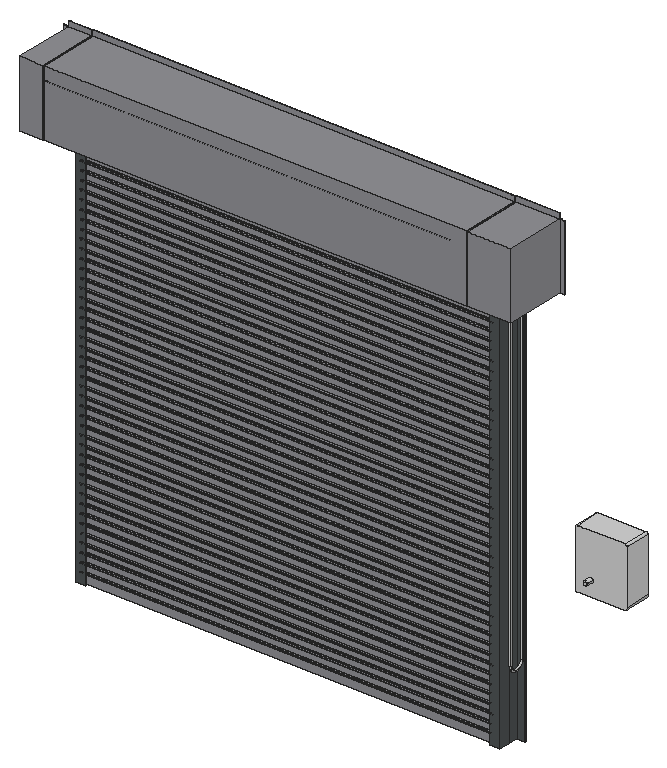
Revit family "RapidSlat-Rolling-Steel-Service-Doors_OHD_Model-621_compact", category Specialty Equipment, host Wall, Revit 2023 (continued)
Definition of nested family "621"
  Definition of nested family "Perforation"
    Reference planes (in)
      plane 6: y = -0.03
      plane 7: y = 0.03
      plane 8: x = -61.8125
      plane 9: x = 61.8125
      plane 10: x = -59.8125
      plane 11: x = 59.8125
    Forms (in)
      Extrusion 1, solid, material <- "Perforation"
        sketch origin (0, -0.19, 0) x (0, 1, 0) y (0, 0, 1)
          loop
            line (0.16, 0.5) -> (0.16, -0.5) -> (0.22, -0.5) -> (0.22, 0.5) -> (0.16, 0.5)
        from -59.8125 to 59.8125
    Dimensions and locks (in)
      equal spacing: plane 4, level, plane 5
      "Height": plane 4 to plane 5
      equal spacing: plane 6, plane 1 "Center (Front/Back)", plane 7
      locked: plane 6 to plane 7 at 0.06
      "Opening Width": plane 8 to plane 9
      "Offset": plane 8 to plane 10
      "Offset": plane 9 to plane 11
      equal spacing: plane 8, plane 3 "Center (Left/Right)", plane 9
      aligned and locked: plane 2 to level
      aligned and locked: plane 4 to Extrusion 1
      aligned and locked: Extrusion 1 to plane 5
      aligned and locked: plane 6 to Extrusion 1
      aligned and locked: plane 7 to Extrusion 1
      aligned and locked: Extrusion 1 to plane 10
      aligned and locked: plane 11 to Extrusion 1
    Automatic sketch dimensions
      Extrusion 1 sketch curve to level = 1/2"
      plane 1 "Center (Front/Back)" to Extrusion 1 sketch curve = 0.03"
      Extrusion 1 sketch curve to plane 1 "Center (Front/Back)" = 0.03"
      plane 4 to Extrusion 1 sketch curve = 0"
Definition of nested family "Label Annotation 1"
  Parameters (values of type "Label Annotation 1-8")
    Label = "Area is too big. Please reduce Door Size."
  Reference planes (in)
    plane 1: y = 0
    plane 2: x = 0
  Text (in)
    label "Label" at (0.00375, -0.00345, 0), shows "Label"
Definition of nested family "Warning Sign"
  Parameters (values of type "Warning Sign")
    Warning Sign [instance] = no
    Default Elevation = 48"
  Reference planes (in)
    plane 1 "Center (Front/Back)": y = 0
    plane 2: z = 0
    plane 3 "Center (Left/Right)": x = 0
    plane 4: y = 0.5
    plane 5: y = -0.5
    plane 6: y = 1
    plane 7: y = 0.25
  Lines and regions (in)
    model lines
      curve 1: line (-2.26129, 1, 45.69444) -> (-26.3817, 1, 3.91667)
      curve 2: line (-25.25106, 1, 3.26389) -> (-1.13064, 1, 45.04167)
      curve 3: arc (2.26129, 1, 45.69444) -> (0, 1, 47) -> (-2.26129, 1, 45.69444) r 2.61111
      curve 4: arc (-1.13064, 1, 45.04167) -> (0, 1, 45.69444) -> (1.13064, 1, 45.04167) r 1.30556
      curve 5: line (1.13064, 1, 45.04167) -> (25.25106, 1, 3.26389)
      curve 6: line (26.3817, 1, 3.91667) -> (2.26129, 1, 45.69444)
      curve 7: arc (25.25106, 1, 3.26389) -> (25.25106, 1, 1.95833) -> (24.12041, 1, 1.30556) r 1.30556
      curve 8: arc (24.12041, 1, 0) -> (26.3817, 1, 1.30556) -> (26.3817, 1, 3.91667) r 2.61111
      curve 9: line (24.12041, 1, 1.30556) -> (-24.12041, 1, 1.30556)
      curve 10: line (-24.12041, 1, 0) -> (24.12041, 1, 0)
      curve 11: arc (-24.12041, 1, 1.30556) -> (-25.25106, 1, 1.95833) -> (-25.25106, 1, 3.26389) r 1.30556
      curve 12: arc (-26.3817, 1, 3.91667) -> (-26.3817, 1, 1.30556) -> (-24.12041, 1, 0) r 2.61111
      curve 13: arc (-2.29479, 1, 8.63537) -> (0, 1, 6.34057) -> (2.29479, 1, 8.63537) r 2.29479
      curve 14: arc (2.29479, 1, 8.63537) -> (0, 1, 10.93016) -> (-2.29479, 1, 8.63537) r 2.29479
      curve 15: arc (-1.6331, 1, 13.97069) -> (0.03439, 1, 12.53727) -> (1.69278, 1, 13.98121) r 1.68043
      curve 16: line (-3.77413, 1, 28.37873) -> (-1.6331, 1, 13.97069)
      curve 17: line (1.69278, 1, 13.98121) -> (3.73924, 1, 28.37873)
      curve 18: arc (3.73924, 1, 28.37873) -> (-0.01745, 1, 32.13541) -> (-3.77413, 1, 28.37873) r 3.75668
      curve 19: line (-2.26129, -0.5, 45.69444) -> (-26.3817, -0.5, 3.91667)
      curve 20: line (-25.25106, -0.5, 3.26389) -> (-1.13064, -0.5, 45.04167)
      curve 21: arc (2.26129, -0.5, 45.69444) -> (0, -0.5, 47) -> (-2.26129, -0.5, 45.69444) r 2.61111
      curve 22: arc (-1.13064, -0.5, 45.04167) -> (0, -0.5, 45.69444) -> (1.13064, -0.5, 45.04167) r 1.30556
      curve 23: line (1.13064, -0.5, 45.04167) -> (25.25106, -0.5, 3.26389)
      curve 24: line (26.3817, -0.5, 3.91667) -> (2.26129, -0.5, 45.69444)
      curve 25: arc (25.25106, -0.5, 3.26389) -> (25.25106, -0.5, 1.95833) -> (24.12041, -0.5, 1.30556) r 1.30556
      curve 26: arc (24.12041, -0.5, 0) -> (26.3817, -0.5, 1.30556) -> (26.3817, -0.5, 3.91667) r 2.61111
      curve 27: line (24.12041, -0.5, 1.30556) -> (-24.12041, -0.5, 1.30556)
      curve 28: line (-24.12041, -0.5, 0) -> (24.12041, -0.5, 0)
      curve 29: arc (-24.12041, -0.5, 1.30556) -> (-25.25106, -0.5, 1.95833) -> (-25.25106, -0.5, 3.26389) r 1.30556
      curve 30: arc (-26.3817, -0.5, 3.91667) -> (-26.3817, -0.5, 1.30556) -> (-24.12041, -0.5, 0) r 2.61111
      curve 31: arc (-2.29479, -0.5, 8.63537) -> (0, -0.5, 6.34057) -> (2.29479, -0.5, 8.63537) r 2.29479
      curve 32: arc (2.29479, -0.5, 8.63537) -> (0, -0.5, 10.93016) -> (-2.29479, -0.5, 8.63537) r 2.29479
      curve 33: arc (-1.6331, -0.5, 13.97069) -> (0.03439, -0.5, 12.53727) -> (1.69278, -0.5, 13.98121) r 1.68043
      curve 34: line (-3.77413, -0.5, 28.37873) -> (-1.6331, -0.5, 13.97069)
      curve 35: line (1.69278, -0.5, 13.98121) -> (3.73924, -0.5, 28.37873)
      curve 36: arc (3.73924, -0.5, 28.37873) -> (-0.01745, -0.5, 32.13541) -> (-3.77413, -0.5, 28.37873) r 3.75668
  Dimensions and locks (in)
    locked: plane 1 "Center (Front/Back)" to plane 4 at 0.5
    equal spacing: plane 1 "Center (Front/Back)", plane 7, plane 4
    locked: plane 4 to plane 6 at 0.5
    locked: plane 5 to plane 1 "Center (Front/Back)" at 0.5
    aligned and locked: plane 2 to level
  Automatic sketch dimensions
    curve 21 to curve 22 = 0"  (x2)
    curve 25 to curve 26 = 0"  (x2)
    curve 29 to curve 30 = 0"  (x2)
    curve 31 to curve 32 = 0"  (x2)
    curve 21 to plane 3 "Center (Left/Right)" = 0"
    curve 31 to plane 3 "Center (Left/Right)" = 0"
    curve 30 to level = 0"
    level to curve 27 = 1.30556"
    curve 26 to curve 27 = 1.30556"
    curve 29 to curve 27 = 1.30556"
    curve 23 to curve 25 = 0.65278"
    curve 20 to curve 29 = 0.65278"
    curve 24 to curve 23 = 0.65278"
    curve 19 to curve 20 = 0.65278"
    level to curve 32 = 8.63537"
    curve 34 to plane 3 "Center (Left/Right)" = 1.6331"
    curve 34 to curve 31 = 5.33532"
    plane 3 "Center (Left/Right)" to curve 35 = 1.69278"
    curve 35 to curve 34 = 0.01052"
    plane 3 "Center (Left/Right)" to curve 33 = 0.02908"
    curve 36 to plane 3 "Center (Left/Right)" = 0.01745"
    curve 36 to curve 33 = 14.16104"
    curve 22 to curve 36 = 16.01016"
    plane 3 "Center (Left/Right)" to curve 23 = 1.13064"
    curve 23 to curve 21 = 0.65278"
    curve 20 to plane 3 "Center (Left/Right)" = 1.13064"
    plane 3 "Center (Left/Right)" to curve 24 = 2.26129"
    curve 24 to curve 22 = 0.65278"
    curve 19 to plane 3 "Center (Left/Right)" = 2.26129"
    curve 34 to curve 36 = 3.75668"
    curve 30 to plane 3 "Center (Left/Right)" = 24.12041"
    plane 3 "Center (Left/Right)" to curve 25 = 24.12041"
    curve 31 to curve 31 = 2.29479"
    curve 3 to curve 4 = 0"  (x2)
    curve 7 to curve 8 = 0"  (x2)
    curve 11 to curve 12 = 0"  (x2)
    curve 13 to curve 14 = 0"  (x2)
    curve 3 to plane 3 "Center (Left/Right)" = 0"
    curve 13 to plane 3 "Center (Left/Right)" = 0"
    curve 12 to level = 0"
    level to curve 9 = 1.30556"
    curve 8 to curve 9 = 1.30556"
    curve 11 to curve 9 = 1.30556"
    curve 5 to curve 7 = 0.65278"
    curve 2 to curve 11 = 0.65278"
    curve 6 to curve 5 = 0.65278"
    curve 1 to curve 2 = 0.65278"
    level to curve 14 = 8.63537"
    curve 16 to plane 3 "Center (Left/Right)" = 1.6331"
    curve 16 to curve 13 = 5.33532"
    plane 3 "Center (Left/Right)" to curve 17 = 1.69278"
    curve 17 to curve 16 = 0.01052"
    plane 3 "Center (Left/Right)" to curve 15 = 0.02908"
    curve 18 to plane 3 "Center (Left/Right)" = 0.01745"
    curve 18 to curve 15 = 14.16104"
    curve 4 to curve 18 = 16.01016"
    plane 3 "Center (Left/Right)" to curve 5 = 1.13064"
    curve 5 to curve 3 = 0.65278"
    curve 2 to plane 3 "Center (Left/Right)" = 1.13064"
    plane 3 "Center (Left/Right)" to curve 6 = 2.26129"
    curve 6 to curve 4 = 0.65278"
    curve 1 to plane 3 "Center (Left/Right)" = 2.26129"
    curve 16 to curve 18 = 3.75668"
    curve 12 to plane 3 "Center (Left/Right)" = 24.12041"
    plane 3 "Center (Left/Right)" to curve 7 = 24.12041"
    curve 13 to curve 13 = 2.29479"
Types (6): name | Voltage | Number of Poles | Apparent Load Phase 3 | Apparent Load Phase 2 | Apparent Load Phase 1
  208 volts, one phase, 60 Hz (208-240V range) | 208 V | 1 | 0 VA | 0 VA | 4160 VA
  220 volts, one phase, 60 Hz (220-240V range) | 220 V | 1 | 0 VA | 0 VA | 4400 VA
  208 volts, three phase, 60 Hz (208-240V range) | 208 V | 3 | 2401.78 VA | 2401.78 VA | 2401.78 VA
  230 volts, three phase, 60 Hz (220-240V range) | 230 V | 3 | 2655.81 VA | 2655.81 VA | 2655.81 VA
  460 volts, three phase, 60 Hz (440-480 V range) | 460 V | 3 | 5311.62 VA | 5311.62 VA | 5311.62 VA
  575 volts, three phase, 60 Hz | 575 V | 3 | 6639.53 VA | 6639.53 VA | 6639.53 VA
